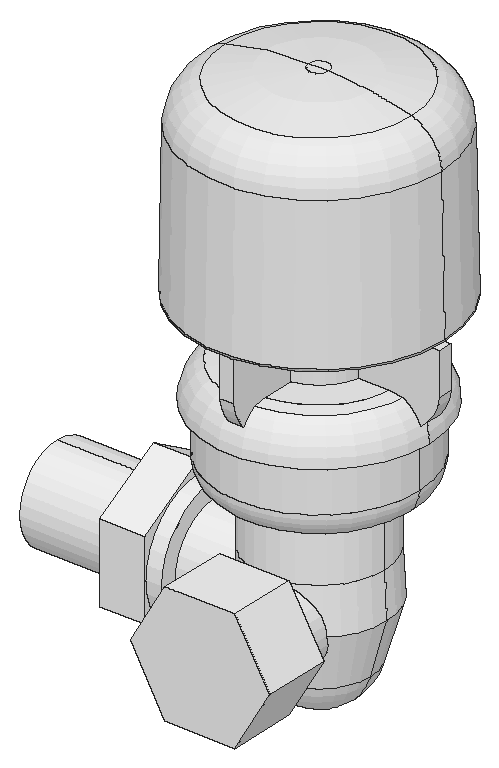
Revit family "RA-DV_Double Angle_Right_DN10-15_Aero_RFA_1", category Pipe Accessories, Revit 2019
Family settings
  Round Connector Dimension = Use Diameter
  Part Type = Valve - Breaks Into
  OmniClass Number = 23.65.55.14.17
  OmniClass Title = Adjusting/Controlling Valves for Liquid Services
  Work Plane-Based = No
  Always vertical = Yes
  Cut with Voids When Loaded = No
  Shared = No
Parameters (values of type "RA-DV_Double Angle_Right_DN15_013G7719")
  Ws1 = if(or(Sensor Type = [015G4540], Sensor Type = [015G4544], Sensor Type = [015G4542]), 30.5 mm, 28 mm)  # 28 mm
  Ws = if(or(Sensor Type = [015G4540], Sensor Type = [015G4544], Sensor Type = [015G4542]), 61 mm, 56 mm)  # 56 mm
  Weight = 0.33 kg
  W = LR1 + LR2 + Ws / 2  # 61 mm
  Valve Body Material = Danfoss Nickel Plated Brass
  URL = "https://store.danfoss.com/en/Climate-Solutions-for-heating/Radiator-Thermostats/Radiator-Valves/Build-on-valves/Dynamic-Valves/c/13865?q=%3Arelevance%3Adanfoss_producttypehierarchydesc%3ARA-DV%3Adanfoss_a223339155%3AA223_339155e8a4b9257411af40f22b1cba9d507f15"
  TH8 = 3.85 mm
  TH7 = 3.75 mm
  TH6 = 13.324 mm
  TH5 = 1.826 mm
  TH4 = 7.354 mm
  TH3 = 6.008 mm
  TH2 = 5 mm
  TH1 = 9.942 mm
  Setting Range = "1-7,N"  # constant formula
  Sensor Type = Aero Sensors_RA_RFA : Aero Sensors_Built-in_7-28 °C
  SA2 = 33 mm
  SA1 = 36.7 mm
  RT5 = 14.5 mm
  RT1 = 15.024 mm
  RR5 = 8.25 mm
  RR4 = 11.425 mm
  RR1 = 10.3 mm
  RL4 = 10.5 mm
  RL2 = 14.8 mm
  RL1 = 11.3 mm
  RB2 = 12.006 mm
  RB1 = 11.5 mm
  Pressure Drop [instance] = 0.0 Pa
  Model Type = "RA-DV_Double Angle_Right_DN15"
  Model = "013G7719"
  Min Medium Temperature = "2 °C"  # constant formula
  Min Differential Pressure = "0.1 bar"  # constant formula
  Max Operating Pressure = "10 bar"  # constant formula
  Max Medium Temperature = "95 °C"  # constant formula
  Max Flow (Text) = "135 l/h"  # constant formula
  Max Differential Pressure = "0.6 bar"  # constant formula
  Manufacturer = "Danfoss"  # constant formula
  LR2 = 15 mm
  LR1 = 18 mm
  LOD 350 = not(LOD 200)  # yes
  LOD 200 = no
  LL4 = 21.2 mm
  LL3 = 10 mm
  LL2 = 3.7 mm
  LL1 = 23 mm
  L = LL1 + LL2 + LL3 + LL4 + Ws / 2  # 85.9 mm
  IfcExportType = "RA-DV"  # constant formula
  IfcExportAs = "IfcValveType"  # constant formula
  HexR2 = 15.4 mm
  HexR1 = 17.3 mm
  Hex2 = 26.7 mm
  Hex = 30 mm
  HT = TH1 + TH2 + TH3  # 20.95 mm
  H [instance] = 125.954 mm
  Flow [instance] = 0.0 L/s
  Description = "Thermostatic Radiator Valve"  # constant formula
  D = 15 mm
  BH2 = 8.731 mm
  BH1 = 12.273 mm
  Application = "2-Pipe System"  # constant formula
  015G4544 = Aero Sensors_RA_RFA : Aero Sensors_Tamperproof_Built-in_7-21 °C_015G4544
  015G4542 = Aero Sensors_RA_RFA : Aero Sensors_Tamperproof_Remote_7-26 °C_015G4542
  015G4540 = Aero Sensors_RA_RFA : Aero Sensors_Tamperproof_Built-in_7-28 °C_015G4540
Reference planes
  plane 1 "Center (Front/Back)": y = 0
  plane 2: z = 0
  plane 3 "Center (Left/Right)": x = 0
  plane 4: x = -57.9
  plane 5: x = 9.194
  plane 6: y = 8.994
  plane 7: y = -33
  plane 8: z = 51.054
  plane 9: z = -21.004
  plane 10: x = -36.7
  plane 11 "left": x = -26.7
  plane 12: x = -23
  plane 13 "right": y = -18
  plane 14: z = 47.204
  plane 15: z = 43.454
  plane 16: z = 30.13
  plane 17: z = 28.304
  plane 18 "top": z = 20.95
  plane 19: z = 14.942
  plane 20: z = 9.942
  plane 21: z = -12.273
  plane 22: y = 17.3
  plane 23: x = 15.024
  plane 24: x = 28
  plane 25: x = -28
  plane 26: x = 28
  plane 27: y = 28
Forms (mm)
  Revolve 1, solid, material "Danfoss Nickel Plated Brass" <- "Valve Body Material", detail levels fine
    sketch origin (0, 0, 0) x (1, 0, 0) y (0, 0, 1)
      loop
        line (-57.9, 10.5) -> (-57.9, 0) -> (-26.7, 0) -> (-26.7, 10.5) -> (-57.9, 10.5)
      axis (-26.7, 0) -> (-57.9, 0)
    angle from 0 to 360
  Revolve 2, solid, material "Danfoss Nickel Plated Brass" <- "Valve Body Material", visible <- "LOD 350", detail levels fine
    sketch origin (0, 0, 0) x (1, 0, 0) y (0, 0, 1)
      loop
        line (-26.7, 14.8) -> (-26.7, 0) -> (-23, 0) -> (-23, 14.8) -> (-26.7, 14.8)
      axis (-23, 0) -> (-26.7, 0)
    angle from 0 to 360
  Revolve 3, solid, material "Danfoss Nickel Plated Brass" <- "Valve Body Material", visible <- "LOD 200", detail levels fine
    sketch origin (0, 0, 0) x (1, 0, 0) y (0, 0, 1)
      loop
        line (-36.7, 17.3) -> (-36.7, 0) -> (-26.7, 0) -> (-26.7, 17.3) -> (-36.7, 17.3)
      axis (-26.7, 0) -> (-36.7, 0)
    angle from 0 to 360
  Revolve 4, solid, material "Danfoss Nickel Plated Brass" <- "Valve Body Material", detail levels fine
    sketch origin (0, 0, 0) x (1, 0, 0) y (0, 0, 1)
      loop
        line (-26.7, 0) -> (0, 0) -> (0, 11.3) -> (-26.7, 11.3) -> (-26.7, 0)
      axis (0, 0) -> (-26.7, 0)
    angle from 0 to 360
  Revolve 5, solid, material "Danfoss Nickel Plated Brass" <- "Valve Body Material", visible <- "LOD 350", detail levels fine
    sketch origin (0, 0, 0) x (1, 0, 0) y (0, 0, 1)
      loop
        line (0, 20.95) -> (0, -21.004)
        arc (0, -21.004) -> (7.209, -18.561) -> (11.5, -12.273) r 12.006
        line (11.5, -12.273) -> (15.024, 0) -> (14.5, 10) -> (14.5, 20.95) -> (0, 20.95)
      axis (0, -21.004) -> (0, 20.95)
    angle from 0 to 360
  Revolve 6, solid, material "Danfoss Nickel Plated Brass" <- "Valve Body Material", detail levels fine
    sketch origin (0, 0, 0) x (0, 1, 0) y (0, 0, 1)
      loop
        line (0, 10.3) -> (-18, 10.3) -> (-18, 0) -> (0, 0) -> (0, 10.3)
      axis (0, 0) -> (-18, 0)
    angle from 0 to 360
  Revolve 7, solid, material "Danfoss Nickel Plated Brass" <- "Valve Body Material", visible <- "LOD 200", detail levels fine
    sketch origin (0, 0, 0) x (0, 1, 0) y (0, 0, 1)
      loop
        line (-18, 15.4) -> (-33, 15.4) -> (-33, 0) -> (-18, 0) -> (-18, 15.4)
      axis (-18, 0) -> (-33, 0)
    angle from 0 to 360
  Revolve 8, solid, material "Danfoss Brass", visible <- "LOD 350", detail levels fine
    sketch origin (0, 0, 0) x (1, 0, 0) y (0, 0, 1)
      loop
        line (0, 20.95) -> (11.425, 20.95) -> (11.425, 28.304) -> (8.25, 28.304) -> (8.25, 30.13) -> (0, 30.13) -> (0, 20.95)
      axis (0, 20.95) -> (0, 30.13)
    angle from 0 to 360
  Extrusion 9, solid, material "Danfoss Nickel Plated Brass" <- "Valve Body Material", visible <- "LOD 350", detail levels fine
    sketch origin (0, 0, 0) x (1, 0, 0) y (0, 0, 1)
      loop
        line (0, 0) -> (-26.7, 0) -> (-26.7, -0.957) -> (-10.199, -17.458)
        arc (-10.199, -17.458) -> (-6.04, -20.166) -> (-1.141, -20.959) r 12
        line (-1.141, -20.959) -> (0, -20.959) -> (0, 0)
    from -2 to 2
  Revolve 10, solid, material "Danfoss Nickel Plated Brass" <- "Valve Body Material", visible <- "LOD 200", detail levels fine
    sketch origin (0, 0, 0) x (1, 0, 0) y (0, 0, 1)
      loop
        line (0, 20.95) -> (0, -21.004)
        arc (0, -21.004) -> (10.624, -16.604) -> (15.024, -5.98) r 15.024
        line (15.024, -5.98) -> (15.024, 20.95) -> (0, 20.95)
      axis (0, 20.95) -> (0, -21.004)
    angle from 0 to 360
  Revolve 11, solid, material "Danfoss Nickel Plated Brass" <- "Valve Body Material", detail levels fine
    sketch origin (0, 0, 0) x (1, 0, 0) y (0, 0, 1)
      loop
        line (-1, 51.054) -> (-1, 47.204) -> (0, 47.204) -> (0, 51.054) -> (-1, 51.054)
      axis (0, 47.204) -> (0, 51.054)
    angle from 0 to 360
  Revolve 12, solid, material "Danfoss Brass", detail levels fine
    sketch origin (0, 0, 0) x (1, 0, 0) y (0, 0, 1)
      loop
        line (0, 47.204) -> (-5.8, 47.204) -> (-5.8, 43.454) -> (0, 43.454) -> (0, 47.204)
      axis (0, 43.454) -> (0, 47.204)
    angle from 0 to 360
  Revolve 13, solid, material "Danfoss Plastic Green", detail levels fine
    sketch origin (0, 0, 0) x (1, 0, 0) y (0, 0, 1)
      loop
        line (0, 43.454) -> (-9.9, 43.454) -> (-9.9, 30.13) -> (0, 30.13) -> (0, 43.454)
      axis (0, 30.13) -> (0, 43.454)
    angle from 0 to 360
  Revolve 14, solid, material "Danfoss Brass", visible <- "LOD 200", detail levels fine
    sketch origin (0, 0, 0) x (1, 0, 0) y (0, 0, 1)
      loop
        line (-11.4, 20.95) -> (0, 20.95) -> (0, 30.13) -> (-11.4, 30.13) -> (-11.4, 20.95)
      axis (0, 20.95) -> (0, 30.13)
    angle from 0 to 360
Dimensions and locks
  plane 8 to plane 9 = 72.058 mm
  "LR1": plane 1 "Center (Front/Back)" to plane 13 "right"
  "LR2": plane 13 "right" to plane 7
  "LL1": plane 3 "Center (Left/Right)" to plane 12
  "LL2": plane 12 to plane 11 "left"
  "LL3": plane 11 "left" to plane 10
  "LL4": plane 10 to plane 4
  "RL4": Revolve 1 sketch curve to level
  "RL2": Revolve 2 sketch curve to level
  "HexR1": Revolve 3 sketch curve to level
  "RL1": Revolve 4 sketch curve to level
  "TH1": plane 20 to level
  "TH2": plane 19 to plane 20
  "TH3": plane 18 "top" to plane 19
  "TH4": plane 17 to plane 18 "top"
  "TH5": plane 16 to plane 17
  "TH6": plane 15 to plane 16
  "TH7": plane 14 to plane 15
  "TH8": plane 8 to plane 14
  "BH1": level to plane 21
  "BH2": plane 21 to plane 9
  "RT5": Revolve 5 sketch curve to plane 3 "Center (Left/Right)"
  "RT1": Revolve 5 sketch curve to plane 3 "Center (Left/Right)"
  "RB1": Revolve 5 sketch curve to plane 3 "Center (Left/Right)"
  "RR1": Revolve 6 sketch curve to level
  "HexR2": Revolve 7 sketch curve to level
  "RR5": Revolve 8 sketch curve to plane 3 "Center (Left/Right)"
  "RR4": Revolve 8 sketch curve to plane 3 "Center (Left/Right)"
  "RT1": nested 2 to Revolve 10 sketch curve
  "RT1": Revolve 10 sketch curve to plane 9
  "H": nested 4 to plane 9
  "RT1": plane 23 to plane 3 "Center (Left/Right)"
  "L": plane 26 to plane 4
  plane 3 "Center (Left/Right)" to Revolve 11 sketch curve = 1 mm
  plane 3 "Center (Left/Right)" to Revolve 12 sketch curve = 5.8 mm
  plane 3 "Center (Left/Right)" to Revolve 13 sketch curve = 9.9 mm
  plane 3 "Center (Left/Right)" to Revolve 14 sketch curve = 11.4 mm
  "HexR1": plane 22 to plane 1 "Center (Front/Back)"
  plane 22 to plane 7 = 50.3 mm
  "Ws1": plane 24 to plane 3 "Center (Left/Right)"
  "Ws": plane 25 to plane 24
  "W": plane 27 to plane 7
  "RB2": radius of Revolve 5 sketch curve
  "RT1": radius of Revolve 10 sketch curve
  aligned and locked: level to plane 2
  aligned and locked: plane 4 to Revolve 1 sketch curve
  aligned and locked: level to Revolve 1 sketch curve
  aligned and locked: plane 2 to Revolve 1 sketch curve
  aligned and locked: plane 11 "left" to Revolve 2 sketch curve
  aligned and locked: Revolve 2 sketch curve to plane 12
  aligned and locked: level to Revolve 2 sketch curve
  aligned and locked: plane 2 to Revolve 2 sketch curve
  aligned and locked: plane 10 to Revolve 3 sketch curve
  aligned and locked: Revolve 3 sketch curve to plane 11 "left"
  aligned and locked: level to Revolve 3 sketch curve
  aligned and locked: plane 2 to Revolve 3 sketch curve
  aligned and locked: plane 3 "Center (Left/Right)" to Revolve 4 sketch curve
  aligned and locked: Revolve 4 sketch curve to level
  aligned and locked: plane 2 to Revolve 4 sketch curve
  aligned and locked: Revolve 4 sketch curve to plane 11 "left"
  aligned and locked: Revolve 1 sketch curve to plane 11 "left"
  aligned and locked: plane 3 "Center (Left/Right)" to Revolve 5 sketch curve
  aligned and locked: Revolve 5 sketch curve to plane 3 "Center (Left/Right)"
  aligned and locked: plane 18 "top" to Revolve 5 sketch curve
  aligned and locked: plane 13 "right" to Revolve 6 sketch curve
  aligned and locked: plane 1 "Center (Front/Back)" to Revolve 6 sketch curve
  aligned and locked: level to Revolve 6 sketch curve  (x2)
  aligned and locked: plane 7 to Revolve 7 sketch curve
  aligned and locked: Revolve 7 sketch curve to plane 13 "right"
  aligned and locked: level to Revolve 7 sketch curve  (x2)
  aligned and locked: level to nested 1
  aligned and locked: level to nested 2
  aligned and locked: nested 2 to Revolve 4
  aligned and locked: plane 1 "Center (Front/Back)" to nested 1
  aligned and locked: plane 3 "Center (Left/Right)" to Revolve 8 sketch curve
  aligned and locked: Revolve 8 sketch curve to plane 17
  aligned and locked: Revolve 8 sketch curve to plane 18 "top"
  aligned and locked: Extrusion 9 sketch curve to plane 3 "Center (Left/Right)"
  aligned and locked: Extrusion 9 sketch curve to level
  aligned and locked: Extrusion 9 sketch curve to plane 11 "left"
  aligned and locked: plane 3 "Center (Left/Right)" to nested 3
  aligned and locked: plane 1 "Center (Front/Back)" to nested 3
  aligned and locked: Revolve 10 sketch curve to plane 3 "Center (Left/Right)"
  aligned and locked: Revolve 10 sketch curve to plane 18 "top"
  aligned and locked: nested 2 to Revolve 10 sketch curve
  aligned and locked: Revolve 11 sketch curve to plane 8
  aligned and locked: Revolve 11 sketch curve to plane 14
  aligned and locked: Revolve 11 sketch curve to plane 3 "Center (Left/Right)"
  aligned and locked: plane 3 "Center (Left/Right)" to Revolve 11 sketch curve
  aligned and locked: Revolve 12 sketch curve to plane 3 "Center (Left/Right)"
  aligned and locked: Revolve 12 sketch curve to plane 14
  aligned and locked: Revolve 12 sketch curve to plane 15
  aligned and locked: plane 3 "Center (Left/Right)" to Revolve 12 sketch curve
  aligned and locked: Revolve 13 sketch curve to plane 3 "Center (Left/Right)"
  aligned and locked: Revolve 13 sketch curve to plane 16
  aligned and locked: Revolve 13 sketch curve to plane 15
  aligned and locked: Revolve 13 sketch curve to Revolve 5
  aligned and locked: Revolve 13 sketch curve to Revolve 12
  aligned and locked: plane 3 "Center (Left/Right)" to Revolve 13 sketch curve
  aligned and locked: Revolve 14 sketch curve to plane 18 "top"
  aligned and locked: Revolve 14 sketch curve to plane 16
  aligned and locked: Revolve 14 sketch curve to plane 3 "Center (Left/Right)"
  aligned and locked: Revolve 14 sketch curve to Extrusion 9
  aligned and locked: Revolve 14 sketch curve to Revolve 13
  aligned and locked: Extrusion 9 to Revolve 14 sketch curve
  aligned and locked: Revolve 8 sketch curve to plane 16
  aligned and locked: plane 3 "Center (Left/Right)" to nested 4
  aligned and locked: nested 4 to plane 18 "top"
  aligned and locked: plane 1 "Center (Front/Back)" to nested 4
  aligned and locked: plane 2 to nested 3
  aligned and locked: nested 3 to plane 3 "Center (Left/Right)"
  aligned and locked: nested 3 to plane 1 "Center (Front/Back)"
Automatic sketch dimensions
  plane 9 to Extrusion 9 sketch curve = 3.546 mm
  Extrusion 9 sketch curve to plane 3 "Center (Left/Right)" = 1.713 mm
  plane 21 to Extrusion 9 sketch curve = 3.3 mm
  Extrusion 9 sketch curve to level = 0.957 mm
  plane 9 to Extrusion 9 sketch curve = 0.045 mm
  Extrusion 9 sketch curve to plane 3 "Center (Left/Right)" = 1.141 mm
  plane 8 to Revolve 11 sketch curve = 2.4 mm
  Revolve 12 sketch curve to plane 8 = 0 mm
  Revolve 11 sketch curve to plane 15 = 0 mm
  Revolve 12 sketch curve to plane 16 = 0 mm
  Revolve 1 sketch curve to plane 4 = 35 mm
  Revolve 1 sketch curve to Revolve 1 sketch curve = 5 mm
  Revolve 2 sketch curve to plane 4 = 9.577 mm
  Revolve 2 sketch curve to Revolve 2 sketch curve = 5 mm
  Revolve 3 sketch curve to plane 4 = 12.192 mm
  Revolve 3 sketch curve to Revolve 3 sketch curve = 3.606 mm
  Revolve 4 sketch curve to plane 4 = 54.1 mm
  Revolve 4 sketch curve to Revolve 4 sketch curve = 6.623 mm
  Revolve 5 sketch curve to plane 9 = 0 mm
  Revolve 5 sketch curve to plane 21 = 0 mm
  level to Revolve 5 sketch curve = 0 mm
  plane 20 to Revolve 5 sketch curve = 0.058 mm
  plane 8 to Revolve 5 sketch curve = 25 mm
  Revolve 5 sketch curve to Revolve 5 sketch curve = 10 mm
  plane 22 to Revolve 6 sketch curve = 1.751 mm
  Revolve 6 sketch curve to plane 27 = 3.949 mm
  Revolve 7 sketch curve to plane 7 = 5.806 mm
  Revolve 7 sketch curve to Revolve 7 sketch curve = 5 mm
  Revolve 8 sketch curve to plane 3 "Center (Left/Right)" = 0 mm
  plane 8 to Revolve 8 sketch curve = 5 mm
  Revolve 8 sketch curve to Revolve 8 sketch curve = 3.788 mm
  Revolve 10 sketch curve to plane 9 = 7.748 mm
  Revolve 10 sketch curve to Revolve 10 sketch curve = 3.304 mm
Nested families
  nested 1: "Hexagon" at (-26.7, 0, 0) x (0, 0, 1) z (-1, 0, 0), h <- "LL3", a <- "Hex", visible <- "LOD 350", Body Material <- "Valve Body Material", type "Hexagon"
    with h 10 mm, b 15 mm, a 30 mm, Body Material Danfoss Nickel Plated Brass
  nested 2: "Hexagon" at (0, -18, 0) x (-1, 0, 0) z (0, -1, 0), h <- "LR2", a <- "Hex2", visible <- "LOD 350", Body Material <- "Valve Body Material", type "Hexagon"
    with h 15 mm, b 13.35 mm, a 26.7 mm, Body Material Danfoss Nickel Plated Brass
  nested 3: "Schematic_Pressure Independent TRV_Sensor_Angle Right" at (0, 0, 0), type "Schematic_Pressure Independent TRV_Sensor_Angle Right", detail levels coarse+medium
    with L2 33 mm, L 36.7 mm, LA_1 2.472 mm, L1/3 24.467 mm, HT 20.95 mm, HA_2 17.8 mm, HA_1 4.45 mm, HA 22.25 mm, LA 13.35 mm, L1/9 8.156 mm, L1 73.4 mm, D 26.7 mm
  nested 4: "Aero Sensors_RA_RFA" at (0, 0, 20.95), LOD 200 <- "LOD 200", type <- "Sensor Type", type "Aero Sensors_Built-in_7-28 °C", detail levels fine
    with Y' 700 mm, X' 700 mm, LOD 350 yes, LOD 200 no, Box Z Offset 100 mm, Box Y Offset 100 mm, Box X Offset 100 mm
Connectors
  piping at (-36.7, 0, 0), diameter 15, driven by "D", driven by "Flow"
    settings: on nested 1, index 1, connector inside diameter 609.6 mm, connector length 0 mm, flow factor 0, pipe flow 0.0 L/s, pressure drop 0.0 Pa, fitting loss kfactor 0, connector angle 0.00°, fixture units 0, engagement length 0 mm, angle of deflection 0.00°, flow configuration 0, flow direction 2, fitting loss method 0, system type 29, joint type 0, gender type 0, connector reference index 2, connector utility 0, adjustable connector no, is connector primary no, connector description ""
  piping at (0, -33, 0), diameter 15, driven by "D", driven by "Flow"
    settings: on nested 2, index 2, connector inside diameter 609.6 mm, connector length 0 mm, flow factor 0, pipe flow 0.0 L/s, pressure drop 0.0 Pa, fitting loss kfactor 0, connector angle 0.00°, fixture units 0, engagement length 0 mm, angle of deflection 0.00°, flow configuration 0, flow direction 1, fitting loss method 0, system type 29, joint type 0, gender type 0, connector reference index 1, connector utility 0, adjustable connector no, is connector primary yes, connector description ""
Definition of nested family "Hexagon"
  Parameters (values of type "Hexagon")
    h [instance] = 4 mm
    b [instance] = a / 2  # 10 mm
    a [instance] = 20 mm
    Default Elevation = 1219.2 mm
    Body Material [instance] = none
  Reference planes
    plane 1 "Center (Front/Back)": y = 0
    plane 2: z = 0
    plane 3 "Center (Left/Right)": x = 0
    plane 4: z = 4
  Forms (mm)
    Extrusion 1, solid
      sketch origin (0, 0, 0) x (1, 0, 0) y (0, 1, 0)
        loop
          line (-1219.2, 1219.2) -> (-1219.2, -1219.2) -> (1219.2, -1219.2) -> (1219.2, 1219.2) -> (-1219.2, 1219.2)
      from 0 to -304.8
    Extrusion 2, solid, material <- "Body Material", detail levels fine
      sketch origin (0, 0, 0) x (1, 0, 0) y (0, 1, 0)
        loop
          line (5.774, 10) -> (-5.774, 10) -> (-11.547, 0) -> (-5.774, -10) -> (5.774, -10) -> (11.547, 0) -> (5.774, 10)
      from 0 to 4
  Lines and regions (mm)
    reference lines
      curve 1: line (125, -216.506, 0) -> (-125, 216.506, 0)
      curve 2: line (-125, -216.506, 0) -> (125, 216.506, 0)
  Dimensions and locks
    "h": plane 4 to level
    "b": curve 1 to Extrusion 2 sketch curve
    "b": Extrusion 2 sketch curve to curve 1
    "b": Extrusion 2 sketch curve to curve 2  (x2)
    "b": plane 1 "Center (Front/Back)" to Extrusion 2 sketch curve
    "b": Extrusion 2 sketch curve to plane 1 "Center (Front/Back)"
    aligned and locked: plane 2 to Extrusion 1
    aligned and locked: level to Extrusion 1
    aligned and locked: plane 4 to Extrusion 2
  Automatic sketch dimensions
    Extrusion 1 sketch curve to Extrusion 1 sketch curve = 2438.4 mm  (x2)
    curve 1 to plane 3 "Center (Left/Right)" = 125 mm
    plane 1 "Center (Front/Back)" to curve 2 = 216.506 mm
    curve 2 to plane 3 "Center (Left/Right)" = 125 mm
    plane 3 "Center (Left/Right)" to curve 2 = 125 mm
    plane 3 "Center (Left/Right)" to curve 1 = 125 mm
    plane 1 "Center (Front/Back)" to curve 1 = 216.506 mm
    curve 2 to plane 1 "Center (Front/Back)" = 216.506 mm
    curve 1 to plane 1 "Center (Front/Back)" = 216.506 mm
Definition of nested family "Aero Sensors_RA_RFA"
  Parameters (values of type "Aero Sensors_Built-in_7-28 °C")
    YH = XYadd - H'  # 516 mm
    Y' [instance] = if(Box Y Offset < -1 * XYlimit, XYadd - XYlimit, (if(Box Y Offset > XYlimit, XYadd + XYlimit, Box Y Offset + XYadd)))  # 700 mm
    XYadd = XYlimit + 100 mm  # 600 mm
    X' [instance] = if(Box X Offset < -1 * XYlimit, XYadd - XYlimit, (if(Box X Offset > XYlimit, XYadd + XYlimit, Box X Offset + XYadd)))  # 700 mm
    XYlimit = 500 mm
    W [instance] = 56 mm
    Min Temperature Setting = "7 °C"
    Max Temperature Setting = "28 °C"
    Max Capillary Tube Length = 0 mm
    Sensor Media = "Gas"  # constant formula
    Remote Sensor = if(RS = 1, 1 = 1, 1 = 0)  # no
    Box Z Offset [instance] = 100 mm  # constant formula
    URL = "https://store.danfoss.com/en/Climate-Solutions-for-heating/Radiator-Thermostats/Radiator-sensors/Room-sensor-mTRV/Sensors-for-Danfoss-RA-valves/c/13884?q=%3Arelevance%3Adanfoss_producttypehierarchydesc%3ADanfoss+Aero%C2%AE+Sensors%3Adanfoss_a1186338575%3AA1186_3385757565fa0f3e171a343b2fd2a01064cb82&text="
    RS = 0
    Model Type = "Aero Sensors_Built-in_7-28 °C"
    Model = "015G4590,015G4594,015G4580,015G5201,015G4595,015G4598"
    Manufacturer = "Danfoss"  # constant formula
    LOD 350 [instance] = not(LOD 200)  # yes
    LOD 200 [instance] = no
    L [instance] = 56 mm
    IfcExportType = "Aero Sensors"  # constant formula
    IfcExportAs = "IfcActuatorType"  # constant formula
    H' = 84 mm
    H [instance] = 84 mm
    Description = "Radiator Sensor"  # constant formula
    Connection = "RA"  # constant formula
    Box Y Offset [instance] = 100 mm
    Box X Offset [instance] = 100 mm
    Body Material = none
    Aero Sensor = Aero_RFA : Aero Sensors
  Types (10, lengths in mm): name | YH | Y' | XYadd | X' | XYlimit | W | Min Temperature Setting | Max Temperature Setting | Max Capillary Tube Length | Remote Sensor | URL | RS | Model Type | Model | L | Aero Sensor
    Aero Sensors_Built-in_7-28 °C | 516 | 700 | 600 | 700 | 500 | 56 | "7 °C" | "28 °C" | 0 | no | "https://store.danfoss.com/en/Climate-Solutions-for-heating/Radiator-Thermostats/Radiator-sensors/Room-sensor-mTRV/Sensors-for-Danfoss-RA-valves/c/13884?q=%3Arelevance%3Adanfoss_producttypehierarchydesc%3ADanfoss+Aero%C2%AE+Sensors%3Adanfoss_a1186338575%3AA1186_3385757565fa0f3e171a343b2fd2a01064cb82&text=" | 0 | "Aero Sensors_Built-in_7-28 °C" | "015G4590,015G4594,015G4580,015G5201,015G4595,015G4598" | 56 | Aero_RFA : Aero Sensors
    Aero Sensors_Tamperproof_Built-in_7-28 °C_015G4540 | 516 | 700 | 600 | 700 | 500 | 61 | "7 °C" | "28 °C" | 0 | no | "https://store.danfoss.com/en/Climate-Solutions-for-heating/Radiator-Thermostats/Radiator-sensors/Room-sensor-mTRV/Sensors-for-Danfoss-RA-valves/c/13884?q=%3Arelevance%3Adanfoss_producttypehierarchydesc%3ADanfoss+Aero%C2%AE+Sensors%3Adanfoss_a1186338575%3AA1186_3385757565fa0f3e171a343b2fd2a01064cb82&text=" | 0 | "Aero Sensors_Tamperproof_Built-in_7-28 °C" | "015G4540" | 61 | Aero_RFA : Aero Sensors_Tamper
    Aero Sensors_Remote_7-26 °C_015G4592 | 1016 | 1200 | 1100 | 1200 | 1000 | 56 | "7 °C" | "26 °C" | 2000 | yes | "https://store.danfoss.com/en/Climate-Solutions-for-heating/Radiator-Thermostats/Radiator-sensors/Room-sensor-mTRV/Sensors-for-Danfoss-RA-valves/c/13884?q=%3Arelevance%3Adanfoss_producttypehierarchydesc%3ADanfoss+Aero%C2%AE+Sensors%3Adanfoss_a1186338575%3AA1186_3385756922a4d78decdb47e1e9a53dbb12a95d&text=" | 1 | "Aero Sensors_Remote_7-26 °C" | "015G4592" | 56 | Aero_RFA : Aero Sensors
    Aero Sensors_Tamperproof_Remote_7-26 °C_015G4542 | 1016 | 1200 | 1100 | 1200 | 1000 | 61 | "7 °C" | "26 °C" | 2000 | yes | "https://store.danfoss.com/en/Climate-Solutions-for-heating/Radiator-Thermostats/Radiator-sensors/Room-sensor-mTRV/Sensors-for-Danfoss-RA-valves/c/13884?q=%3Arelevance%3Adanfoss_producttypehierarchydesc%3ADanfoss+Aero%C2%AE+Sensors%3Adanfoss_a1186338575%3AA1186_3385756922a4d78decdb47e1e9a53dbb12a95d&text=" | 1 | "Aero Sensors_Tamperproof_Remote_7-26 °C" | "015G4542" | 61 | Aero_RFA : Aero Sensors_Tamper
    Aero Sensors_Built-in_16-28 °C | 516 | 700 | 600 | 700 | 500 | 56 | "16 °C" | "28 °C" | 0 | no | "https://store.danfoss.com/en/Climate-Solutions-for-heating/Radiator-Thermostats/Radiator-sensors/Room-sensor-mTRV/Sensors-for-Danfoss-RA-valves/c/13884?q=%3Arelevance%3Adanfoss_producttypehierarchydesc%3ADanfoss+Aero%C2%AE+Sensors%3Adanfoss_a1186338575%3AA1186_3385757565fa0f3e171a343b2fd2a01064cb82&text=" | 0 | "Aero Sensors_Built-in_16-28 °C" | "015G4596,015G5200" | 56 | Aero_RFA : Aero Sensors
    Aero Sensors_Built-in_7-21 °C | 516 | 700 | 600 | 700 | 500 | 56 | "7 °C" | "21 °C" | 0 | no | "https://store.danfoss.com/en/Climate-Solutions-for-heating/Radiator-Thermostats/Radiator-sensors/Room-sensor-mTRV/Sensors-for-Danfoss-RA-valves/c/13884?q=%3Arelevance%3Adanfoss_producttypehierarchydesc%3ADanfoss+Aero%C2%AE+Sensors%3Adanfoss_a1186338575%3AA1186_3385757565fa0f3e171a343b2fd2a01064cb82&text=" | 0 | "Aero Sensors_Built-in_7-21 °C" | "015G4690,015G4680" | 56 | Aero_RFA : Aero Sensors
    Aero Sensors_Built-in_7-22 °C_015G4622 | 516 | 700 | 600 | 700 | 500 | 56 | "7 °C" | "22 °C" | 0 | no | "https://store.danfoss.com/en/Climate-Solutions-for-heating/Radiator-Thermostats/Radiator-sensors/Room-sensor-mTRV/Sensors-for-Danfoss-RA-valves/c/13884?q=%3Arelevance%3Adanfoss_producttypehierarchydesc%3ADanfoss+Aero%C2%AE+Sensors%3Adanfoss_a1186338575%3AA1186_3385757565fa0f3e171a343b2fd2a01064cb82&text=" | 0 | "Aero Sensors_Built-in_7-22 °C" | "015G4622" | 56 | Aero_RFA : Aero Sensors
    Aero Sensors_Built-in_7-23 °C | 516 | 700 | 600 | 700 | 500 | 56 | "7 °C" | "23 °C" | 0 | no | "https://store.danfoss.com/en/Climate-Solutions-for-heating/Radiator-Thermostats/Radiator-sensors/Room-sensor-mTRV/Sensors-for-Danfoss-RA-valves/c/13884?q=%3Arelevance%3Adanfoss_producttypehierarchydesc%3ADanfoss+Aero%C2%AE+Sensors%3Adanfoss_a1186338575%3AA1186_3385757565fa0f3e171a343b2fd2a01064cb82&text=" | 0 | "Aero Sensors_Built-in_7-23 °C" | "015G4623,015G5205" | 56 | Aero_RFA : Aero Sensors
    Aero Sensors_Remote_7-21 °C | 1016 | 1200 | 1100 | 1200 | 1000 | 56 | "7 °C" | "21 °C" | 2000 | yes | "https://store.danfoss.com/en/Climate-Solutions-for-heating/Radiator-Thermostats/Radiator-sensors/Room-sensor-mTRV/Sensors-for-Danfoss-RA-valves/c/13884?q=%3Arelevance%3Adanfoss_producttypehierarchydesc%3ADanfoss+Aero%C2%AE+Sensors%3Adanfoss_a1186338575%3AA1186_3385756922a4d78decdb47e1e9a53dbb12a95d&text=" | 1 | "Aero Sensors_Remote_7-21 °C" | "015G4692,015G4682" | 56 | Aero_RFA : Aero Sensors
    Aero Sensors_Tamperproof_Built-in_7-21 °C_015G4544 | 516 | 700 | 600 | 700 | 500 | 61 | "7 °C" | "21 °C" | 0 | no | "https://store.danfoss.com/en/Climate-Solutions-for-heating/Radiator-Thermostats/Radiator-sensors/Room-sensor-mTRV/Sensors-for-Danfoss-RA-valves/c/13884?q=%3Arelevance%3Adanfoss_producttypehierarchydesc%3ADanfoss+Aero%C2%AE+Sensors%3Adanfoss_a1186338575%3AA1186_3385757565fa0f3e171a343b2fd2a01064cb82&text=" | 0 | "Aero Sensors_Tamperproof_Built-in_7-21 °C" | "015G4544" | 61 | Aero_RFA : Aero Sensors_Tamper
  Reference planes
    plane 1 "Center (Front/Back)": y = 0
    plane 2: z = 0
    plane 3 "Center (Left/Right)": x = 0
    plane 4: x = -600
    plane 5: z = -516
    plane 6: z = 184
    plane 7: z = 84
  Lines and regions (mm)
    reference lines
      curve 1: line (100, 100, 0) -> (100, 0, 0)
      curve 2: line (17.515, 100, 0) -> (-57.515, 100, 0)
  Dimensions and locks
    "XYadd": plane 4 to plane 3 "Center (Left/Right)"
    "YH": level to plane 5
    locked: plane 1 "Center (Front/Back)" to curve 2 at 100
    "Y'": plane 6 to plane 5
    "X'": plane 4 to curve 1
    "Box Z Offset": nested 1 to plane 1 "Center (Front/Back)"
    nested 1 to plane 3 "Center (Left/Right)" = 100 mm
    "H": nested 2 to level
    nested 1 to nested 2 = 100 mm
    "L": nested 2 to nested 2
    "W": nested 2 to nested 2
    aligned and locked: level to plane 2
    aligned and locked: curve 1 to nested 1
    aligned and locked: plane 6 to nested 1
    aligned and locked: plane 3 "Center (Left/Right)" to nested 2
    aligned and locked: nested 2 to level
    aligned and locked: plane 1 "Center (Front/Back)" to nested 2
    aligned and locked: plane 7 to nested 2
  Automatic sketch dimensions
    plane 1 "Center (Front/Back)" to curve 1 = 0 mm
    plane 3 "Center (Left/Right)" to curve 2 = 17.515 mm
    curve 2 to plane 3 "Center (Left/Right)" = 57.515 mm
  Nested families
    nested 1: "Remote sensor_box_RFA" at (100, 100, 184) x (-1, 0, 0) z (0, -1, 0), LOD 200 <- "LOD 200", Body Material <- "Body Material", visible <- "Remote Sensor", type "Remote sensor_box"
      with LOD 350 yes, LOD 200 no, Body Material none
    nested 2: "Aero_RFA" at (0, 0, 0), type <- "Aero Sensor", type "Aero Sensors", detail levels fine
  Definition of nested family "Remote sensor_box_RFA"
    Parameters (values of type "Remote sensor_box")
      W [instance] = 56 mm
      URL = ""
      Sensor Media = "Gas Sensor"  # constant formula
      Model = ""
      Manufacturer = "Danfoss"  # constant formula
      LOD 350 [instance] = not(LOD 200)  # no
      LOD 200 [instance] = yes
      L [instance] = 26 mm
      IfcExportType = "Remote Gas Sensor"  # constant formula
      IfcExportAs = "IfcActuatorType"  # constant formula
      H [instance] = 25 mm
      Description = "Radiator Sensor"  # constant formula
      Default Elevation = 1219.2 mm
      Body Material [instance] = none
    Reference planes
      plane 1 "Center (Front/Back)": y = 0
      plane 2: z = 0
      plane 3 "Center (Left/Right)": x = 0
      plane 4: z = 25
      plane 5: y = 28
      plane 6: y = -28
      plane 7: x = -13
      plane 8: x = 13
    Forms (mm)
      Extrusion 1, solid, material <- "Body Material", detail levels fine
        sketch origin (0, 0, 83.1) x (0, -1, 0) y (1, 0, 0)
          loop
            line (-23.8, -10) -> (23.8, -10) -> (23.8, 9.915) -> (-23.8, 9.915) -> (-23.8, -10)
        from -83.1 to -77.6
      Extrusion 2, solid, material <- "Body Material", visible <- "LOD 200", detail levels fine
        sketch origin (0, 0, 88.6) x (0, -1, 0) y (1, 0, 0)
          loop
            line (-28, -13) -> (28, -13) -> (28, 13) -> (-28, 13) -> (-28, -13)
        from -83.1 to -63.6
      Blend 3, solid, material <- "Body Material", visible <- "LOD 350", detail levels fine
        base sketch origin (0, 0, 82.972) x (0, -1, 0) y (1, 0, 0)
          loop
            line (-28.001, -13) -> (28, -13) -> (28, 13) -> (-28.001, 13) -> (-28.001, -13)
        top sketch origin (0, 0, 82.972) x (0, -1, 0) y (1, 0, 0)
          loop
            line (-26.435, -11.489) -> (26.435, -11.489) -> (26.435, 11.489) -> (-26.435, 11.489) -> (-26.435, -11.489)
        from -77.6 to -57.972
      Extrusion 4, void
        sketch origin (0, 0, 0) x (0, 1, 0) y (0, 0, 1)
          loop
            line (28.001, 5.372) -> (31.043, 5.372) -> (31.043, 25) -> (25.964, 25) -> (28.001, 5.372)
          loop
            line (-25.965, 25) -> (-31.105, 25) -> (-31.105, 5.372) -> (-28, 5.372) -> (-25.965, 25)
        from -17.5 to 17.5
      Extrusion 5, solid, material <- "Body Material", detail levels coarse+medium
        sketch origin (0, 0, 0) x (0, 1, 0) y (0, 0, 1)
          loop
            line (28, 25) -> (-28, 25) -> (-28, 0) -> (28, 0) -> (28, 25)
        from -13 to 13
    Dimensions and locks
      "H": plane 4 to level
      equal spacing: plane 7, plane 3 "Center (Left/Right)", plane 8
      equal spacing: plane 5, plane 1 "Center (Front/Back)", plane 6
      "W": plane 5 to plane 6
      "L": plane 7 to plane 8
      plane 8 to plane 7 = 26 mm
      level to Extrusion 5 = 25 mm
      aligned and locked: level to plane 2
      aligned and locked: Extrusion 1 to level
      aligned and locked: Extrusion 2 to plane 7
      aligned and locked: plane 8 to Extrusion 2
      aligned and locked: plane 4 to Extrusion 2
      aligned and locked: plane 5 to Extrusion 2
      aligned and locked: Extrusion 2 to plane 6
    Automatic sketch dimensions
      Extrusion 1 sketch curve to plane 5 = 4.2 mm
      plane 6 to Extrusion 1 sketch curve = 4.2 mm
      plane 7 to Extrusion 1 sketch curve = 3 mm
      Extrusion 1 sketch curve to plane 8 = 3.085 mm
      Extrusion 2 sketch curve to plane 5 = 0 mm
      Extrusion 2 sketch curve to plane 6 = 0 mm
      plane 7 to Extrusion 2 sketch curve = 0 mm
      Extrusion 2 sketch curve to plane 8 = 0 mm
      plane 6 to Blend 3 sketch curve = 0 mm
      Blend 3 sketch curve to plane 5 = 1.565 mm
      plane 7 to Blend 3 sketch curve = 1.511 mm
      plane 6 to Blend 3 sketch curve = 1.565 mm
      Blend 3 sketch curve to plane 8 = 1.511 mm
      Extrusion 4 sketch curve to plane 4 = 0 mm  (x2)
      Extrusion 4 sketch curve to plane 6 = 3.105 mm
      plane 6 to Extrusion 4 sketch curve = 0 mm
      plane 5 to Extrusion 4 sketch curve = 0.001 mm
      level to Extrusion 4 sketch curve = 5.372 mm  (x2)
      plane 6 to Extrusion 4 sketch curve = 2.035 mm
      Extrusion 4 sketch curve to plane 5 = 2.036 mm
      Extrusion 4 sketch curve to Extrusion 4 sketch curve = 3.042 mm
      plane 5 to Blend 3 sketch curve = 0.001 mm
      plane 7 to Blend 3 sketch curve = 0 mm
      Blend 3 sketch curve to plane 8 = 0 mm
      Extrusion 5 sketch curve to plane 4 = 0 mm
      Extrusion 5 sketch curve to plane 6 = 0 mm
      Extrusion 5 sketch curve to level = 0 mm
      Extrusion 5 sketch curve to plane 5 = 0 mm
  Definition of nested family "Aero_RFA"
    Parameters (values of type "Aero Sensors")
      W = L  # 56 mm
      URL = ""
      Model Type = "Aero Sensors"
      L = 56 mm
      Sensor Media = "Gas"  # constant formula
      Model = ""
      Manufacturer = "Danfoss"  # constant formula
      LOD 350 = not(LOD 200)  # yes
      LOD 200 = no
      IfcExportType = "Aero Sensors"  # constant formula
      IfcExportAs = "IfcActuatorType"  # constant formula
      H [instance] = 84 mm
      Description = "Radiator Sensor"  # constant formula
      D1 = 1 mm
      Connection = "RA"  # constant formula
      Body Material = none
      With Tamper (LOD 200) = if(and(LOD 200, D1 = 0 mm), 1 = 1, 1 = 0)  # no
      With Tamper (LOD 350) = if(and(LOD 350, D1 = 0 mm), 1 = 1, 1 = 0)  # no
      Standard (LOD 200) = if(and(LOD 200, D1 > 0 mm), 1 = 1, 1 = 0)  # no
      Standard (LOD 350) = if(and(LOD 350, D1 > 0 mm), 1 = 1, 1 = 0)  # yes
    Types (2, lengths in mm): name | W | Model Type | L | D1 | With Tamper (LOD 350) | Standard (LOD 350)
      Aero Sensors | 56 | "Aero Sensors" | 56 | 1 | no | yes
      Aero Sensors_Tamper | 61 | "Aero Sensors_Tamper" | 61 | 0 | yes | no
    Reference planes
      plane 1 "Center (Front/Back)": y = 0
      plane 2: z = 0
      plane 3 "Center (Left/Right)": x = 0
      plane 4: z = 84
      plane 5: z = 15.7
      plane 6: z = 55.7
      plane 7: z = 38.9
      plane 8: x = 28
      plane 9: x = -28
      plane 10: y = 28
      plane 11: y = -28
    Forms (mm)
      Revolve 1, solid, material <- "Body Material", visible <- "Standard (LOD 350)"
        sketch origin (58.75, 0, 0) x (1, 0, 0) y (0, 0, 1)
          loop
            line (-81.015, 17.711) -> (-81.015, 7.41)
            arc (-81.015, 7.41) -> (-79.155, 2.921) -> (-74.665, 1.061) r 6.349
            line (-74.665, 1.061) -> (-72.426, 1.061) -> (-71.627, 0) -> (-58.75, 0) -> (-58.75, 26.296) -> (-75.835, 26.296) -> (-78.801, 25.879)
            arc (-78.801, 25.879) -> (-82.169, 22.397) -> (-83.397, 17.711) r 9.556
            line (-83.397, 17.711) -> (-81.015, 17.711)
          axis (-58.75, 26.296) -> (-58.75, 0)
        angle from 0 to 360
      Revolve 2, solid, material <- "Body Material", visible <- "Standard (LOD 200)"
        sketch origin (0, 0, 0) x (1, 0, 0) y (0, 0, 1)
          loop
            line (-27.989, 71.35) -> (-27.989, 26.296) -> (0, 26.296) -> (0, 83.808) -> (-6.101, 83.808)
            arc (-6.101, 83.808) -> (-13.09, 83.312) -> (-19.938, 81.833) r 49.463
            arc (-19.938, 81.833) -> (-25.744, 77.959) -> (-27.989, 71.35) r 10.851
          axis (0, 83.808) -> (0, 26.296)
        angle from 0 to 360
      Extrusion 3, solid, material <- "Body Material", visible <- "Standard (LOD 350)"
        sketch origin (0, 0, 0) x (1, 0, 0) y (0, 0, 1)
          loop
            line (-10.112, 38.861) -> (-18.956, 38.861) -> (-22.118, 37.969) -> (-28, 37.969) -> (-28, 28.615)
            arc (-28, 28.615) -> (-24.743, 22.336) -> (-18.133, 19.817) r 9.932
            line (-18.133, 19.817) -> (-10.112, 19.817) -> (-10.112, 38.861)
        from -1.599 to 1.564
      Extrusion 4, solid, material <- "Body Material", visible <- "Standard (LOD 350)"
        sketch origin (0, 0, 0) x (0, 1, 0) y (0, 0, 1)
          loop
            line (-7.612, 38.861) -> (-16.456, 38.861) -> (-19.618, 37.969) -> (-25.5, 37.969) -> (-25.5, 28.615)
            arc (-25.5, 28.615) -> (-22.243, 22.336) -> (-15.633, 19.817) r 9.932
            line (-15.633, 19.817) -> (-7.612, 19.817) -> (-7.612, 38.861)
        from -1.599 to 1.564
      Extrusion 5, solid, material <- "Body Material", visible <- "Standard (LOD 350)"
        sketch origin (0, 0, 0) x (-1, 0, 0) y (0, 0, -1)
          loop
            line (-10.112, -38.861) -> (-10.112, -19.817) -> (-18.133, -19.817)
            arc (-18.133, -19.817) -> (-24.743, -22.336) -> (-28, -28.615) r 9.932
            line (-28, -28.615) -> (-28, -37.969) -> (-22.118, -37.969) -> (-18.956, -38.861) -> (-10.112, -38.861)
        from -1.599 to 1.564
      Revolve 6, solid, material <- "Body Material", visible <- "Standard (LOD 200)"
        sketch origin (0, 0, 0) x (1, 0, 0) y (0, 0, 1)
          loop
            line (-22.577, 26.296) -> (-22.577, 0) -> (0, 0) -> (0, 26.296) -> (-22.577, 26.296)
          axis (0, 26.296) -> (0, 0)
        angle from 0 to 360
      Revolve 7, solid, material <- "Body Material", visible <- "With Tamper (LOD 200)"
        sketch origin (0, 0, 0) x (1, 0, 0) y (0, 0, 1)
          loop
            line (-17.049, 15.7) -> (-17.049, 0) -> (0, 0) -> (0, 15.7) -> (-17.049, 15.7)
          axis (0, 15.7) -> (0, 0)
        angle from 0 to 360
      Extrusion 8, solid, material <- "Body Material", visible <- "Standard (LOD 350)"
        sketch origin (0, 0, 0) x (0, 1, 0) y (0, 0, 1)
          loop
            line (7.612, 38.861) -> (7.612, 19.42) -> (16.192, 19.42)
            arc (16.192, 19.42) -> (20.244, 20.167) -> (23.763, 22.31) r 11.36
            arc (23.763, 22.31) -> (25.412, 24.295) -> (26.713, 26.524) r 15.693
            line (26.713, 26.524) -> (25.847, 26.524) -> (25.847, 38.861) -> (7.612, 38.861)
        from -1.6 to 1.56
      Revolve 9, solid, material <- "Body Material", visible <- "Standard (LOD 350)"
        sketch origin (0, 0, 0) x (1, 0, 0) y (0, 0, 1)
          loop
            line (0, 38.861) -> (-10.112, 38.861) -> (-10.112, 26.296) -> (0, 26.296) -> (0, 38.861)
          axis (0, 38.861) -> (0, 26.296)
        angle from 0 to 360
      Extrusion 10, solid, visible <- "Standard (LOD 350)"
        sketch origin (-10, 0, 0) x (1, 0, 0) y (0, 0, 1)
          loop
            arc (11.774, 26.527) -> (13.062, 27.175) -> (13.617, 28.507) r 2.075
            line (13.617, 28.507) -> (13.617, 31.972)
            arc (13.617, 31.972) -> (13.435, 33.865) -> (12.894, 35.69) r 9.921
            arc (12.894, 35.69) -> (12.616, 36.316) -> (12.295, 36.921) r 9.921
            arc (12.295, 36.921) -> (11.778, 37.482) -> (11.072, 37.77) r 1.747
            line (11.072, 37.77) -> (8.928, 37.77)
            arc (8.928, 37.77) -> (8.222, 37.482) -> (7.705, 36.921) r 1.747
            arc (7.705, 36.921) -> (7.384, 36.316) -> (7.106, 35.69) r 9.921
            arc (7.106, 35.69) -> (6.565, 33.865) -> (6.383, 31.972) r 9.921
            line (6.383, 31.972) -> (6.383, 28.507)
            arc (6.383, 28.507) -> (6.938, 27.175) -> (8.226, 26.527) r 2.075
            line (8.226, 26.527) -> (11.774, 26.527)
        from -27.797 to -25.847
      Revolve 11, solid, material <- "Body Material", visible <- "Standard (LOD 350)"
        sketch origin (0, 0, 0) x (1, 0, 0) y (0, 0, 1)
          loop
            line (-27.181, 72.625) -> (-27.823, 39.37)
            arc (-27.823, 39.37) -> (-27.604, 38.947) -> (-27.131, 38.9) r 0.499
            line (-27.131, 38.9) -> (-17.836, 38.9) -> (0, 38.9) -> (0, 83.811) -> (-2.223, 83.811)
            arc (-2.223, 83.811) -> (-11.503, 83.187) -> (-20.617, 81.328) r 69.366
            arc (-20.617, 81.328) -> (-25.309, 78.04) -> (-27.181, 72.625) r 9.291
          axis (0, 83.811) -> (0, 38.9)
        angle from 0 to 360
      Revolve 12, solid, material <- "Body Material", visible <- "With Tamper (LOD 350)"
        sketch origin (0, 0, 0) x (1, 0, 0) y (0, 0, 1)
          loop
            line (-27.64, 55.7) -> (-29.195, 55.7) -> (-30.485, 54.745) -> (-30.485, 38.723) -> (-22.149, 18.09)
            arc (-22.149, 18.09) -> (-20.819, 16.357) -> (-18.736, 15.7) r 3.632
            line (-18.736, 15.7) -> (0, 15.7) -> (0, 83.75)
            arc (0, 83.75) -> (-2.863, 83.722) -> (-5.726, 83.66) r 248.1
            arc (-5.726, 83.66) -> (-12.108, 83.017) -> (-18.449, 82.06) r 129.753
            arc (-18.449, 82.06) -> (-25.038, 78.256) -> (-27.64, 71.108) r 11.121
            line (-27.64, 71.108) -> (-27.64, 55.7)
          axis (0, 83.75) -> (0, 15.7)
        angle from 0 to 360
      Revolve 13, solid, material <- "Body Material", visible <- "With Tamper (LOD 200)"
        sketch origin (0, 0, 0) x (1, 0, 0) y (0, 0, 1)
          loop
            line (0, 84) -> (-6.444, 84)
            arc (-6.444, 84) -> (-19.151, 81.895) -> (-30.5, 75.805) r 39.405
            line (-30.5, 75.805) -> (-30.5, 38.991) -> (-21.201, 15.7) -> (0, 15.7) -> (0, 84)
          axis (0, 84) -> (0, 15.7)
        angle from 0 to 360
      Revolve 14, solid, material <- "Body Material", visible <- "With Tamper (LOD 200)"
        sketch origin (0, 0, 0) x (1, 0, 0) y (0, 0, 1)
          loop
            line (-17.049, 15.7) -> (-17.049, 0) -> (0, 0) -> (0, 15.7) -> (-17.049, 15.7)
          axis (0, 15.7) -> (0, 0)
        angle from 0 to 360
      Revolve 15, solid, material <- "Body Material", visible <- "With Tamper (LOD 350)"
        sketch origin (0, 0, 0) x (1, 0, 0) y (0, 0, 1)
          loop
            line (-13.252, 0) -> (0, 0) -> (0, 15.7) -> (-17.049, 15.7) -> (-17.049, 1.11) -> (-13.252, 1.11) -> (-13.252, 0)
          axis (0, 15.7) -> (0, 0)
        angle from 0 to 360
    Lines and regions (mm)
      symbolic lines
        curve 1: line (25.939, -10.66, 0) -> (27.155, -6.916, 0)
    Dimensions and locks
      "H": plane 4 to level
      locked: plane 5 to level at 15.7
      locked: plane 6 to level at 55.7
      level to Extrusion 10 sketch curve = 26.527 mm
      level to Extrusion 10 sketch curve = 37.77 mm
      Extrusion 10 sketch curve to plane 3 "Center (Left/Right)" to Extrusion 10 sketch curve = 3.617 mm, 3.617 mm
      locked: plane 7 to level at 38.9
      plane 3 "Center (Left/Right)" to Revolve 15 sketch curve = 17.049 mm
      equal spacing: plane 8, plane 3 "Center (Left/Right)", plane 9
      "L": plane 8 to plane 9
      equal spacing: plane 11, plane 1 "Center (Front/Back)", plane 10
      "W": plane 11 to plane 10
      aligned and locked: level to plane 2
      aligned and locked: Revolve 6 sketch curve to level
      aligned and locked: plane 3 "Center (Left/Right)" to Revolve 6 sketch curve
      aligned and locked: Revolve 6 sketch curve to plane 3 "Center (Left/Right)"
      aligned and locked: Revolve 7 sketch curve to plane 5
      aligned and locked: Revolve 7 sketch curve to level
      aligned and locked: Revolve 7 sketch curve to plane 3 "Center (Left/Right)"  (x2)
      aligned and locked: Revolve 2 sketch curve to plane 3 "Center (Left/Right)"
      aligned and locked: Revolve 9 sketch curve to plane 3 "Center (Left/Right)"  (x2)
      aligned and locked: Extrusion 3 to Revolve 9 sketch curve
      aligned and locked: Revolve 1 to Revolve 9 sketch curve
      aligned and locked: plane 3 "Center (Left/Right)" to Revolve 1 sketch curve
      aligned and locked: Revolve 1 sketch curve to plane 3 "Center (Left/Right)"
      aligned and locked: Revolve 11 sketch curve to plane 7
      aligned and locked: Revolve 11 sketch curve to plane 3 "Center (Left/Right)"  (x2)
      aligned and locked: plane 6 to Revolve 12 sketch curve
      aligned and locked: plane 3 "Center (Left/Right)" to Revolve 13 sketch curve
      aligned and locked: Revolve 13 sketch curve to plane 5
      aligned and locked: plane 4 to Revolve 13 sketch curve
      aligned and locked: Revolve 13 sketch curve to plane 3 "Center (Left/Right)"
      aligned and locked: Revolve 14 sketch curve to plane 3 "Center (Left/Right)"  (x2)
      aligned and locked: Revolve 14 sketch curve to level
      aligned and locked: Revolve 14 sketch curve to plane 5
      aligned and locked: Revolve 12 sketch curve to plane 5
      aligned and locked: Revolve 12 sketch curve to plane 3 "Center (Left/Right)"  (x2)
      aligned and locked: Revolve 15 sketch curve to plane 5
      aligned and locked: Revolve 15 sketch curve to plane 3 "Center (Left/Right)"  (x2)
    Automatic sketch dimensions
      plane 1 "Center (Front/Back)" to curve 1 = 10.66 mm
      curve 1 to curve 1 = 3.744 mm
      Revolve 1 sketch curve to level = 0 mm
      Revolve 1 sketch curve to plane 3 "Center (Left/Right)" = 12.877 mm
      Revolve 1 sketch curve to Revolve 1 sketch curve = 0.8 mm
      plane 5 to Revolve 1 sketch curve = 2.011 mm
      Revolve 1 sketch curve to Revolve 1 sketch curve = 2.239 mm
      Revolve 1 sketch curve to Revolve 1 sketch curve = 1.994 mm
      Revolve 1 sketch curve to Revolve 1 sketch curve = 2.966 mm
      Revolve 1 sketch curve to Revolve 1 sketch curve = 2.383 mm
      level to Revolve 1 sketch curve = 1.061 mm
      plane 5 to Revolve 1 sketch curve = 10.596 mm
      Revolve 1 sketch curve to level = 366.045 mm
      plane 4 to Revolve 1 sketch curve = 2130.315 mm
      Revolve 2 sketch curve to plane 3 "Center (Left/Right)" = 0 mm
      Revolve 2 sketch curve to plane 4 = 0.192 mm
      Revolve 2 sketch curve to Revolve 2 sketch curve = 6.101 mm
      Revolve 2 sketch curve to Revolve 2 sketch curve = 12.458 mm
      level to Revolve 2 sketch curve = 34.345 mm
      Revolve 2 sketch curve to Revolve 2 sketch curve = 8.049 mm
      Revolve 2 sketch curve to level = 366.045 mm
      plane 4 to Revolve 2 sketch curve = 2130.315 mm
      Extrusion 3 sketch curve to Extrusion 3 sketch curve = 3.162 mm
      Extrusion 3 sketch curve to Extrusion 3 sketch curve = 3.985 mm
      plane 5 to Extrusion 3 sketch curve = 4.117 mm
      Extrusion 3 sketch curve to Extrusion 3 sketch curve = 8.021 mm
      plane 5 to Extrusion 3 sketch curve = 12.915 mm
      Extrusion 3 sketch curve to Extrusion 3 sketch curve = 9.353 mm
      Extrusion 3 sketch curve to Extrusion 3 sketch curve = 0.892 mm
      Extrusion 4 sketch curve to Extrusion 4 sketch curve = 5.882 mm
      Extrusion 4 sketch curve to Extrusion 4 sketch curve = 3.162 mm
      Extrusion 4 sketch curve to Extrusion 4 sketch curve = 3.985 mm
      plane 5 to Extrusion 4 sketch curve = 4.117 mm
      plane 1 "Center (Front/Back)" to Extrusion 4 sketch curve = 7.612 mm
      plane 5 to Extrusion 4 sketch curve = 12.915 mm
      Extrusion 4 sketch curve to Extrusion 4 sketch curve = 9.353 mm
      Extrusion 4 sketch curve to Extrusion 4 sketch curve = 0.892 mm
      Extrusion 5 sketch curve to Extrusion 5 sketch curve = 5.882 mm
      Extrusion 5 sketch curve to Extrusion 5 sketch curve = 3.162 mm
      Extrusion 5 sketch curve to Extrusion 5 sketch curve = 3.985 mm
      Extrusion 5 sketch curve to plane 5 = 4.117 mm
      Extrusion 5 sketch curve to Extrusion 5 sketch curve = 8.021 mm
      Extrusion 5 sketch curve to plane 5 = 12.915 mm
      Extrusion 5 sketch curve to Extrusion 5 sketch curve = 9.353 mm
      Extrusion 5 sketch curve to Extrusion 5 sketch curve = 0.892 mm
      plane 5 to Revolve 6 sketch curve = 10.596 mm
      Revolve 6 sketch curve to level = 366.045 mm
      plane 4 to Revolve 6 sketch curve = 2130.315 mm
      Revolve 7 sketch curve to level = 366.045 mm
      plane 4 to Revolve 7 sketch curve = 2130.315 mm
      plane 5 to Extrusion 8 sketch curve = 3.72 mm
      Extrusion 8 sketch curve to Extrusion 8 sketch curve = 3.636 mm
      Extrusion 8 sketch curve to Extrusion 8 sketch curve = 4.944 mm
      Extrusion 8 sketch curve to Extrusion 8 sketch curve = 0.866 mm
      Extrusion 8 sketch curve to Extrusion 8 sketch curve = 7.103 mm
      Extrusion 8 sketch curve to Extrusion 8 sketch curve = 4.257 mm
      Extrusion 8 sketch curve to Extrusion 8 sketch curve = 2.516 mm
      Extrusion 8 sketch curve to Extrusion 8 sketch curve = 5.564 mm
      Revolve 9 sketch curve to level = 366.045 mm
      plane 4 to Revolve 9 sketch curve = 2130.315 mm
      Extrusion 10 sketch curve to Extrusion 10 sketch curve = 0.002 mm  (x2)
      Extrusion 10 sketch curve to Extrusion 10 sketch curve = 2.687 mm  (x2)
      Extrusion 10 sketch curve to Extrusion 10 sketch curve = 1.843 mm
      Extrusion 10 sketch curve to Extrusion 10 sketch curve = 2.074 mm  (x2)
      Extrusion 10 sketch curve to Extrusion 10 sketch curve = 2.545 mm
      Extrusion 10 sketch curve to Extrusion 10 sketch curve = 0.29 mm  (x2)
      Extrusion 10 sketch curve to Extrusion 10 sketch curve = 1.563 mm
      Extrusion 10 sketch curve to Extrusion 10 sketch curve = 1.979 mm  (x2)
      Extrusion 10 sketch curve to Extrusion 10 sketch curve = 2.062 mm
      Extrusion 10 sketch curve to Extrusion 10 sketch curve = 3.465 mm
      Extrusion 10 sketch curve to Extrusion 10 sketch curve = 0 mm  (x2)
      Extrusion 10 sketch curve to Extrusion 10 sketch curve = 0.003 mm  (x2)
      Extrusion 10 sketch curve to Extrusion 10 sketch curve = 1.723 mm
      Extrusion 10 sketch curve to Extrusion 10 sketch curve = 2.113 mm
      Extrusion 10 sketch curve to Extrusion 10 sketch curve = 1.223 mm
      Revolve 9 sketch curve to plane 7 = 0.039 mm
      plane 7 to Revolve 11 sketch curve = 0.47 mm
      Revolve 11 sketch curve to Revolve 11 sketch curve = 0.499 mm
      Revolve 11 sketch curve to Revolve 11 sketch curve = 0.193 mm
      Revolve 11 sketch curve to plane 4 = 11.375 mm
      Revolve 11 sketch curve to Revolve 11 sketch curve = 0.643 mm
      Revolve 11 sketch curve to Revolve 11 sketch curve = 9.29 mm
      Revolve 11 sketch curve to Revolve 11 sketch curve = 9.295 mm
      Revolve 11 sketch curve to plane 5 = 1.255 mm
      Revolve 11 sketch curve to Revolve 11 sketch curve = 0.18 mm
      Revolve 11 sketch curve to Revolve 11 sketch curve = 11.366 mm
      Revolve 11 sketch curve to level = 366.045 mm
      plane 4 to Revolve 11 sketch curve = 2130.315 mm
      Revolve 13 sketch curve to plane 3 "Center (Left/Right)" = 6.444 mm
      plane 7 to Revolve 13 sketch curve = 0.091 mm
      plane 7 to Revolve 13 sketch curve = 5.695 mm
      Revolve 13 sketch curve to level = 366.045 mm
      plane 4 to Revolve 13 sketch curve = 2130.315 mm
      Revolve 14 sketch curve to level = 366.045 mm
      plane 4 to Revolve 14 sketch curve = 2130.315 mm
      plane 5 to Revolve 12 sketch curve = 3.632 mm
      plane 5 to Revolve 12 sketch curve = 2.39 mm
      Revolve 12 sketch curve to plane 6 = 0.955 mm
      Revolve 12 sketch curve to Revolve 12 sketch curve = 1.29 mm
      plane 3 "Center (Left/Right)" to Revolve 12 sketch curve = 1.032 mm
      plane 3 "Center (Left/Right)" to Revolve 12 sketch curve = 4.082 mm
      Revolve 12 sketch curve to level = 45.722 mm
      Revolve 12 sketch curve to plane 7 = 0.177 mm
      Revolve 12 sketch curve to plane 4 = 12.892 mm
      Revolve 12 sketch curve to plane 4 = 0.34 mm
      Revolve 12 sketch curve to Revolve 12 sketch curve = 0 mm
      Revolve 12 sketch curve to plane 4 = 0.25 mm
      Revolve 12 sketch curve to Revolve 12 sketch curve = 201.697 mm
      plane 4 to Revolve 12 sketch curve = 2130.315 mm
      level to Revolve 15 sketch curve = 1.11 mm
      Revolve 15 sketch curve to Revolve 15 sketch curve = 3.797 mm
      Revolve 15 sketch curve to level = 0 mm
      Revolve 15 sketch curve to level = 366.045 mm
      plane 4 to Revolve 15 sketch curve = 2130.315 mm
      plane 3 "Center (Left/Right)" to curve 1 = 25.939 mm
      curve 1 to curve 1 = 1.216 mm
      Extrusion 5 sketch curve to plane 3 "Center (Left/Right)" = 28 mm
      Revolve 1 sketch curve to plane 3 "Center (Left/Right)" = 17.085 mm
      Revolve 1 sketch curve to Revolve 1 sketch curve = 7.174 mm
      Revolve 2 sketch curve to Revolve 2 sketch curve = 11.036 mm
      Revolve 2 sketch curve to Revolve 2 sketch curve = 10.851 mm
      Extrusion 3 sketch curve to plane 3 "Center (Left/Right)" = 28 mm
      Extrusion 3 sketch curve to Extrusion 3 sketch curve = 5.882 mm
      Revolve 6 sketch curve to plane 3 "Center (Left/Right)" = 22.577 mm
      Revolve 7 sketch curve to Revolve 7 sketch curve = 17.049 mm
      Revolve 11 sketch curve to Revolve 11 sketch curve = 2.223 mm
      Revolve 11 sketch curve to Revolve 11 sketch curve = 17.836 mm
      Revolve 12 sketch curve to plane 3 "Center (Left/Right)" = 16.518 mm
      Revolve 12 sketch curve to plane 3 "Center (Left/Right)" = 18.736 mm
      Revolve 12 sketch curve to Revolve 12 sketch curve = 11.121 mm
      Revolve 12 sketch curve to Revolve 12 sketch curve = 1.556 mm
      Revolve 13 sketch curve to plane 3 "Center (Left/Right)" = 21.201 mm
      Revolve 13 sketch curve to Revolve 13 sketch curve = 24.056 mm
      Revolve 14 sketch curve to plane 3 "Center (Left/Right)" = 17.049 mm
      Extrusion 4 sketch curve to Extrusion 4 sketch curve = 8.021 mm
      Extrusion 8 sketch curve to Extrusion 8 sketch curve = 9.655 mm
      Extrusion 8 sketch curve to plane 1 "Center (Front/Back)" = 7.612 mm
Definition of nested family "Schematic_Pressure Independent TRV_Sensor_Angle Right"
  Parameters (values of type "Schematic_Pressure Independent TRV_Sensor_Angle Right")
    L2 = 40 mm
    L = 40 mm
    LA_1 = 1 / 9 * HA  # 2.778 mm
    L1/3 = 1 / 3 * L1  # 26.667 mm
    HT = 35 mm
    HA_2 = 4 / 5 * HA  # 20 mm
    HA_1 = 1 / 5 * HA  # 5 mm
    HA = 5 / 6 * D  # 25 mm
    LA = 3 / 5 * HA  # 15 mm
    L1/9 = 1 / 9 * L1  # 8.889 mm
    L1 = L * 2  # 80 mm
    D = 30 mm
  Reference planes
    plane 1 "Center (Front/Back)": y = 0
    plane 2: z = 0
    plane 3 "Center (Left/Right)": x = 0
    plane 4: z = 15
    plane 5: z = -15
    plane 6: z = 35
    plane 7: x = -40
    plane 8: y = 15
    plane 9: y = -15
    plane 10: x = -7.5
    plane 11: x = 7.5
    plane 12: z = 55
    plane 13: x = -4.722
    plane 14: x = 4.722
    plane 15: z = 40
    plane 16 "centerline": z = 0
    plane 17: z = -7.5
    plane 18: z = 13.333
    plane 19: z = -13.333
    plane 20: x = 40
    plane 21: z = 60
    plane 22: y = 13.333
    plane 23: y = -13.333
    plane 24: x = -30
    plane 25: x = 31.111
    plane 26: x = 22.222
    plane 27: y = -30
    plane 28: z = 15
    plane 29: z = -15
    plane 30: y = -40
    plane 31: y = -23.71
    plane 32: x = -15
    plane 33: x = 15
    plane 34: y = 35
    plane 35: y = 60
    plane 36: y = 55
    plane 37: y = 40
  Lines and regions (mm)
    model lines
      curve 1: line (0, 0, 35) -> (0, 0, 0)
      curve 2: line (-7.5, 0, 35) -> (7.5, 0, 35)
      curve 3: line (-7.5, 0, 60) -> (-7.5, 0, 35)
      curve 4: line (7.5, 0, 60) -> (-7.5, 0, 60)
      curve 5: line (7.5, 0, 35) -> (7.5, 0, 60)
      curve 6: line (-30, 0, 0) -> (-40, 0, 0)
      curve 7: line (-4.722, 0, 55) -> (4.722, 0, 55)
      curve 8: line (0, 0, 40) -> (0, 0, 55)
      curve 9: line (0, 0, 0) -> (-30, 0, 15)
      curve 10: line (-30, 0, 15) -> (-30, 0, -15)
      curve 11: line (-30, 0, -15) -> (0, 0, 0)
      curve 12: line (0, 0, 0) -> (22.222, 0, 0)
      curve 13: line (31.111, 0, -13.333) -> (31.111, 0, 13.333)
      curve 14: spline (31.111, 0, -13.333) -> (33.412, 0, -12.879) -> (35.556, 0, -11.547) -> (37.397, 0, -9.428) -> (38.809, 0, -6.667) -> (39.697, 0, -3.451) -> (40, 0, 0) -> (39.697, 0, 3.451) -> (38.809, 0, 6.667) -> (37.397, 0, 9.428) -> (35.556, 0, 11.547) -> (33.412, 0, 12.879) -> (31.111, 0, 13.333) -> (28.81, 0, 12.879) -> (26.667, 0, 11.547) -> (24.826, 0, 9.428) -> (23.413, 0, 6.667) -> (22.525, 0, 3.451) -> (22.222, 0, 0) -> (22.525, 0, -3.451) -> (23.413, 0, -6.667) -> (24.826, 0, -9.428) -> (26.667, 0, -11.547) -> (28.81, 0, -12.879) -> (31.111, 0, -13.333)
      curve 15: line (0, -30, 15) -> (0, -30, -15)
      curve 16: line (0, -30, 15) -> (0, 0, 0)
